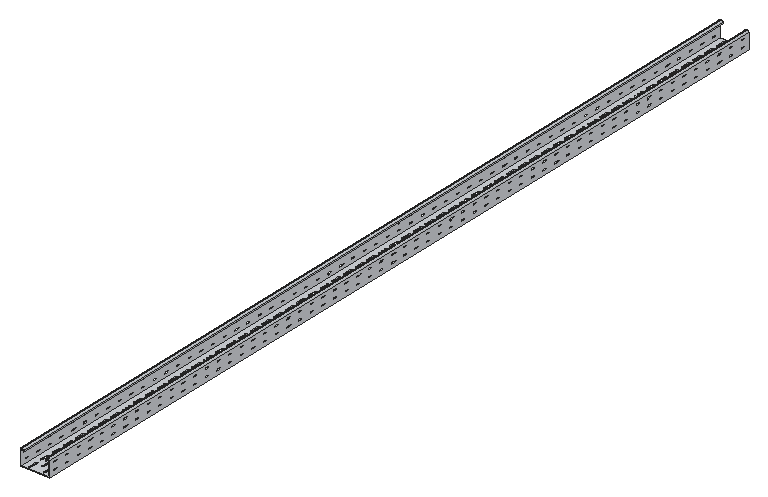
Revit family "Kabelrinne_610_FT_FS_A2_A4_FTSO", category Generic Models, Revit 2017 (continued)
Dimensions and locks
  locked: cut or joined group 1 (Extrusion 1, Extrusion 4, Extrusion 5, Extrusion 6, Extrusion 7, Extrusion 9, Extrusion 10, Extrusion 12, Extrusion 13, Extrusion 14, Extrusion 15, Extrusion 16, Extrusion 17, Extrusion 18, Extrusion 19, Extrusion 20, Extrusion 21, Extrusion 22, Extrusion 23, Extrusion 24, Extrusion 25, Extrusion 26, Extrusion 27, Extrusion 28, Extrusion 29, Extrusion 30, Extrusion 31, Extrusion 32, Extrusion 33, Extrusion 34, Extrusion 35, Extrusion 36, Extrusion 37, Extrusion 38, Extrusion 39, Extrusion 40, Extrusion 41, Extrusion 42, Extrusion 43, Extrusion 44, Extrusion 45, Extrusion 46, Extrusion 47, Extrusion 48, Extrusion 49, Extrusion 50, Extrusion 51, Extrusion 52, Extrusion 53, Extrusion 54, Extrusion 55, Extrusion 56, Extrusion 57, Extrusion 58, Extrusion 59, Extrusion 60, Extrusion 61, Extrusion 62, Extrusion 63, Extrusion 64, Extrusion 65, Extrusion 66, Extrusion 67, Extrusion 68, Extrusion 69, Extrusion 70, Extrusion 71, Extrusion 72, Extrusion 73, Extrusion 74, Extrusion 75, Extrusion 76, Extrusion 77, Extrusion 78, Extrusion 79, Extrusion 80, Extrusion 81, Extrusion 82, Extrusion 83, Extrusion 84, Extrusion 85, Extrusion 86, Extrusion 87, Extrusion 88, Extrusion 89, Extrusion 90, Extrusion 91, Extrusion 92, Extrusion 93, Extrusion 94, Extrusion 95, Extrusion 96, Extrusion 97, Extrusion 98, Extrusion 99, Extrusion 100, Extrusion 101, Extrusion 102, Extrusion 103, Extrusion 104, Extrusion 105, Extrusion 106, Extrusion 107, Extrusion 108, Extrusion 109, Extrusion 110, Extrusion 111, Extrusion 112, Extrusion 113, Extrusion 114, Extrusion 115, Extrusion 116, Extrusion 117, Extrusion 118, Extrusion 119, Extrusion 120, Extrusion 121, Extrusion 122, Extrusion 123, Extrusion 124, Extrusion 125, Extrusion 126, Extrusion 127, Extrusion 128, Extrusion 129, Extrusion 130, Extrusion 131, Extrusion 132, Extrusion 133, Extrusion 134, Extrusion 135, Extrusion 136, Extrusion 137, Extrusion 138, Extrusion 139, Extrusion 140, Extrusion 141, Extrusion 142, Extrusion 143, Extrusion 144, Extrusion 145, Extrusion 146, Extrusion 147, Extrusion 148, Extrusion 149, Extrusion 150, Extrusion 151, Extrusion 152, Extrusion 153, Extrusion 154, Extrusion 155, Extrusion 156, Extrusion 157, Extrusion 158, Extrusion 159, Extrusion 160, Extrusion 161, Extrusion 162, Extrusion 163, Extrusion 164, Extrusion 165, Extrusion 166, Extrusion 167, Extrusion 168, Extrusion 169, Extrusion 170, Extrusion 171, Extrusion 172, Extrusion 173, Extrusion 174, Extrusion 175, Extrusion 176, Extrusion 177, Extrusion 178, Extrusion 179, Extrusion 180, Extrusion 181, Extrusion 182, Extrusion 183, Extrusion 184, Extrusion 185, Extrusion 186, Extrusion 187, Extrusion 188, Extrusion 189, Extrusion 190, Extrusion 191, Extrusion 192, Extrusion 193, Extrusion 194, Extrusion 195, Extrusion 196, Extrusion 197, Extrusion 198, Extrusion 199, Extrusion 200, Extrusion 201, Extrusion 202, Extrusion 203, Extrusion 204, Extrusion 205, Extrusion 206, Extrusion 207, Extrusion 208, Extrusion 209, Extrusion 210, Extrusion 211, Extrusion 212, Extrusion 213, Extrusion 214, Extrusion 215, Extrusion 216, Extrusion 217, Extrusion 218, Extrusion 219, Extrusion 220, Extrusion 221, Extrusion 222, Extrusion 223, Extrusion 224, Extrusion 225, Extrusion 226, Extrusion 227, Extrusion 228, Extrusion 229, Extrusion 230, Extrusion 231, Extrusion 232, Extrusion 233, Extrusion 234, Extrusion 235, Extrusion 236, Extrusion 237, Extrusion 238, Extrusion 239, Extrusion 240, Extrusion 241, Extrusion 242, Extrusion 243, Extrusion 244, Extrusion 245, Extrusion 246, Extrusion 247, Extrusion 248, Extrusion 249, Extrusion 250, Extrusion 251, Extrusion 252, Extrusion 253, Extrusion 254, Extrusion 255, Extrusion 256, Extrusion 257, Extrusion 258, Extrusion 259, Extrusion 260, Extrusion 261, Extrusion 262, Extrusion 263, Extrusion 264, Extrusion 265, Extrusion 266, Extrusion 267, Extrusion 268, Extrusion 269, Extrusion 270, Extrusion 271, Extrusion 272, Extrusion 273, Extrusion 274, Extrusion 275, Extrusion 276, Extrusion 277, Extrusion 278, Extrusion 279, Extrusion 280, Extrusion 281, Extrusion 282, Extrusion 283, Extrusion 284, Extrusion 285, Extrusion 286, Extrusion 287, Extrusion 288, Extrusion 289, Extrusion 290, Extrusion 291, Extrusion 292, Extrusion 293, Extrusion 294, Extrusion 295, Extrusion 296, Extrusion 297, Extrusion 298, Extrusion 299, Extrusion 300, Extrusion 301, Extrusion 302, Extrusion 303, Extrusion 304, Extrusion 305, Extrusion 306, Extrusion 308, Extrusion 309, Extrusion 310, Extrusion 311, Extrusion 312, Extrusion 313, Extrusion 314, Extrusion 315, Extrusion 316, Extrusion 317, Extrusion 318, Extrusion 319, Extrusion 320, Extrusion 321, Extrusion 322, Extrusion 323, Extrusion 324, Extrusion 325, Extrusion 326, Extrusion 327, Extrusion 328, Extrusion 329, Extrusion 330, Extrusion 331, Extrusion 332, Extrusion 333, Extrusion 334, Extrusion 335, Extrusion 336, Extrusion 337, Extrusion 338, Extrusion 339, Extrusion 340, Extrusion 341, Extrusion 342, Extrusion 343, Extrusion 344, Extrusion 345, Extrusion 346, Extrusion 347, Extrusion 348, Extrusion 349, Extrusion 350, Extrusion 351, Extrusion 352, Extrusion 353, Extrusion 354, Extrusion 355, Extrusion 356, Extrusion 357, Extrusion 358, Extrusion 359, Extrusion 360, Extrusion 361, Extrusion 362, Extrusion 363, Extrusion 364, Extrusion 365, Extrusion 366, Extrusion 367, Extrusion 368, Extrusion 369, Extrusion 370, Extrusion 371, Extrusion 372, Extrusion 373, Extrusion 374, Extrusion 375, Extrusion 376, Extrusion 377, Extrusion 378, Extrusion 379, Extrusion 380, Extrusion 381, Extrusion 382, Extrusion 383, Extrusion 384, Extrusion 385, Extrusion 386, Extrusion 387, Extrusion 388, Extrusion 389, Extrusion 390, Extrusion 391, Extrusion 392, Extrusion 393, Extrusion 394, Extrusion 395, Extrusion 396, Extrusion 397, Extrusion 398, Extrusion 399, Extrusion 400, Extrusion 401, Extrusion 402, Extrusion 403, Extrusion 404, Extrusion 405, Extrusion 406, Extrusion 407, Extrusion 408, Extrusion 409, Extrusion 410, Extrusion 411, Extrusion 412, Extrusion 413, Extrusion 414, Extrusion 415, Extrusion 416, Extrusion 417, Extrusion 418, Extrusion 419, Extrusion 420, Extrusion 421, Extrusion 422, Extrusion 423, Extrusion 424, Extrusion 425) to plane 1 "Center (Front/Back)" at 35  (x2)
  locked: Extrusion 7 sketch curve to Extrusion 7 sketch curve at 7
  group 6 to group 5 = 0 mm
  group 5 to group 6 = 0 mm
  group 5 to group 6 = 25 mm
  locked: cut or joined group 1 to cut or joined group 2 (Extrusion 1, Extrusion 4, Extrusion 5, Extrusion 6, Extrusion 7, Extrusion 9, Extrusion 10, Extrusion 12, Extrusion 13, Extrusion 14, Extrusion 15, Extrusion 16, Extrusion 17, Extrusion 18, Extrusion 19, Extrusion 20, Extrusion 21, Extrusion 22, Extrusion 23, Extrusion 24, Extrusion 25, Extrusion 26, Extrusion 27, Extrusion 28, Extrusion 29, Extrusion 30, Extrusion 31, Extrusion 32, Extrusion 33, Extrusion 34, Extrusion 35, Extrusion 36, Extrusion 37, Extrusion 38, Extrusion 39, Extrusion 40, Extrusion 41, Extrusion 42, Extrusion 43, Extrusion 44, Extrusion 45, Extrusion 46, Extrusion 47, Extrusion 48, Extrusion 49, Extrusion 50, Extrusion 51, Extrusion 52, Extrusion 53, Extrusion 54, Extrusion 55, Extrusion 56, Extrusion 57, Extrusion 58, Extrusion 59, Extrusion 60, Extrusion 61, Extrusion 62, Extrusion 63, Extrusion 64, Extrusion 65, Extrusion 66, Extrusion 67, Extrusion 68, Extrusion 69, Extrusion 70, Extrusion 71, Extrusion 72, Extrusion 73, Extrusion 74, Extrusion 75, Extrusion 76, Extrusion 77, Extrusion 78, Extrusion 79, Extrusion 80, Extrusion 81, Extrusion 82, Extrusion 83, Extrusion 84, Extrusion 85, Extrusion 86, Extrusion 87, Extrusion 88, Extrusion 89, Extrusion 90, Extrusion 91, Extrusion 92, Extrusion 93, Extrusion 94, Extrusion 95, Extrusion 96, Extrusion 97, Extrusion 98, Extrusion 99, Extrusion 100, Extrusion 101, Extrusion 102, Extrusion 103, Extrusion 104, Extrusion 105, Extrusion 106, Extrusion 107, Extrusion 108, Extrusion 109, Extrusion 110, Extrusion 111, Extrusion 112, Extrusion 113, Extrusion 114, Extrusion 115, Extrusion 116, Extrusion 117, Extrusion 118, Extrusion 119, Extrusion 120, Extrusion 121, Extrusion 122, Extrusion 123, Extrusion 124, Extrusion 125, Extrusion 126, Extrusion 127),
     Extrusion 128, Extrusion 129, Extrusion 130, Extrusion 131, Extrusion 132, Extrusion 133, Extrusion 134, Extrusion 135, Extrusion 136, Extrusion 137, Extrusion 138, Extrusion 139, Extrusion 140, Extrusion 141, Extrusion 142, Extrusion 143, Extrusion 144, Extrusion 145, Extrusion 146, Extrusion 147, Extrusion 148, Extrusion 149, Extrusion 150, Extrusion 151, Extrusion 152, Extrusion 153, Extrusion 154, Extrusion 155, Extrusion 156, Extrusion 157, Extrusion 158, Extrusion 159, Extrusion 160, Extrusion 161, Extrusion 162, Extrusion 163, Extrusion 164, Extrusion 165, Extrusion 166, Extrusion 167, Extrusion 168, Extrusion 169, Extrusion 170, Extrusion 171, Extrusion 172, Extrusion 173, Extrusion 174, Extrusion 175, Extrusion 176, Extrusion 177, Extrusion 178, Extrusion 179, Extrusion 180, Extrusion 181, Extrusion 182, Extrusion 183, Extrusion 184, Extrusion 185, Extrusion 186, Extrusion 187, Extrusion 188, Extrusion 189, Extrusion 190, Extrusion 191, Extrusion 192, Extrusion 193, Extrusion 194, Extrusion 195, Extrusion 196, Extrusion 197, Extrusion 198, Extrusion 199, Extrusion 200, Extrusion 201, Extrusion 202, Extrusion 203, Extrusion 204, Extrusion 205, Extrusion 206, Extrusion 207, Extrusion 208, Extrusion 209, Extrusion 210, Extrusion 211, Extrusion 212, Extrusion 213, Extrusion 214, Extrusion 215, Extrusion 216, Extrusion 217, Extrusion 218, Extrusion 219, Extrusion 220, Extrusion 221, Extrusion 222, Extrusion 223, Extrusion 224, Extrusion 225, Extrusion 226, Extrusion 227, Extrusion 228, Extrusion 229, Extrusion 230, Extrusion 231, Extrusion 232, Extrusion 233, Extrusion 234, Extrusion 235, Extrusion 236, Extrusion 237, Extrusion 238, Extrusion 239, Extrusion 240, Extrusion 241, Extrusion 242, Extrusion 243, Extrusion 244, Extrusion 245, Extrusion 246, Extrusion 247, Extrusion 248, Extrusion 249, Extrusion 250, Extrusion 251, Extrusion 252, Extrusion 253, Extrusion 254, Extrusion 255, Extrusion 256, Extrusion 257, Extrusion 258, Extrusion 259, Extrusion 260, Extrusion 261, Extrusion 262, Extrusion 263, Extrusion 264, Extrusion 265, Extrusion 266, Extrusion 267, Extrusion 268, Extrusion 269, Extrusion 270, Extrusion 271, Extrusion 272, Extrusion 273, Extrusion 274, Extrusion 275, Extrusion 276, Extrusion 277, Extrusion 278, Extrusion 279, Extrusion 280, Extrusion 281, Extrusion 282, Extrusion 283, Extrusion 284, Extrusion 285, Extrusion 286, Extrusion 287, Extrusion 288, Extrusion 289, Extrusion 290, Extrusion 291, Extrusion 292, Extrusion 293, Extrusion 294, Extrusion 295, Extrusion 296, Extrusion 297, Extrusion 298, Extrusion 299, Extrusion 300, Extrusion 301, Extrusion 302, Extrusion 303, Extrusion 304, Extrusion 305, Extrusion 306, Extrusion 308, Extrusion 309, Extrusion 310, Extrusion 311, Extrusion 312, Extrusion 313, Extrusion 314, Extrusion 315, Extrusion 316, Extrusion 317, Extrusion 318, Extrusion 319, Extrusion 320, Extrusion 321, Extrusion 322, Extrusion 323, Extrusion 324, Extrusion 325, Extrusion 326, Extrusion 327, Extrusion 328, Extrusion 329, Extrusion 330, Extrusion 331, Extrusion 332, Extrusion 333, Extrusion 334, Extrusion 335, Extrusion 336, Extrusion 337, Extrusion 338, Extrusion 339, Extrusion 340, Extrusion 341, Extrusion 342, Extrusion 343, Extrusion 344, Extrusion 345, Extrusion 346, Extrusion 347, Extrusion 348, Extrusion 349, Extrusion 350, Extrusion 351, Extrusion 352, Extrusion 353, Extrusion 354, Extrusion 355, Extrusion 356, Extrusion 357, Extrusion 358, Extrusion 359, Extrusion 360, Extrusion 361, Extrusion 362, Extrusion 363, Extrusion 364, Extrusion 365, Extrusion 366, Extrusion 367, Extrusion 368, Extrusion 369, Extrusion 370, Extrusion 371, Extrusion 372, Extrusion 373, Extrusion 374, Extrusion 375, Extrusion 376, Extrusion 377, Extrusion 378, Extrusion 379, Extrusion 380, Extrusion 381, Extrusion 382, Extrusion 383, Extrusion 384, Extrusion 385, Extrusion 386, Extrusion 387, Extrusion 388, Extrusion 389, Extrusion 390, Extrusion 391, Extrusion 392, Extrusion 393, Extrusion 394, Extrusion 395, Extrusion 396, Extrusion 397, Extrusion 398, Extrusion 399, Extrusion 400, Extrusion 401, Extrusion 402, Extrusion 403, Extrusion 404, Extrusion 405, Extrusion 406, Extrusion 407, Extrusion 408, Extrusion 409, Extrusion 410, Extrusion 411, Extrusion 412, Extrusion 413, Extrusion 414, Extrusion 415, Extrusion 416, Extrusion 417, Extrusion 418, Extrusion 419, Extrusion 420, Extrusion 421, Extrusion 422, Extrusion 423, Extrusion 424, Extrusion 425 at 36.5  (x2)
  locked: cut or joined group 1 to cut or joined group 2,
     Extrusion 128, Extrusion 129, Extrusion 130, Extrusion 131, Extrusion 132, Extrusion 133, Extrusion 134, Extrusion 135, Extrusion 136, Extrusion 137, Extrusion 138, Extrusion 139, Extrusion 140, Extrusion 141, Extrusion 142, Extrusion 143, Extrusion 144, Extrusion 145, Extrusion 146, Extrusion 147, Extrusion 148, Extrusion 149, Extrusion 150, Extrusion 151, Extrusion 152, Extrusion 153, Extrusion 154, Extrusion 155, Extrusion 156, Extrusion 157, Extrusion 158, Extrusion 159, Extrusion 160, Extrusion 161, Extrusion 162, Extrusion 163, Extrusion 164, Extrusion 165, Extrusion 166, Extrusion 167, Extrusion 168, Extrusion 169, Extrusion 170, Extrusion 171, Extrusion 172, Extrusion 173, Extrusion 174, Extrusion 175, Extrusion 176, Extrusion 177, Extrusion 178, Extrusion 179, Extrusion 180, Extrusion 181, Extrusion 182, Extrusion 183, Extrusion 184, Extrusion 185, Extrusion 186, Extrusion 187, Extrusion 188, Extrusion 189, Extrusion 190, Extrusion 191, Extrusion 192, Extrusion 193, Extrusion 194, Extrusion 195, Extrusion 196, Extrusion 197, Extrusion 198, Extrusion 199, Extrusion 200, Extrusion 201, Extrusion 202, Extrusion 203, Extrusion 204, Extrusion 205, Extrusion 206, Extrusion 207, Extrusion 208, Extrusion 209, Extrusion 210, Extrusion 211, Extrusion 212, Extrusion 213, Extrusion 214, Extrusion 215, Extrusion 216, Extrusion 217, Extrusion 218, Extrusion 219, Extrusion 220, Extrusion 221, Extrusion 222, Extrusion 223, Extrusion 224, Extrusion 225, Extrusion 226, Extrusion 227, Extrusion 228, Extrusion 229, Extrusion 230, Extrusion 231, Extrusion 232, Extrusion 233, Extrusion 234, Extrusion 235, Extrusion 236, Extrusion 237, Extrusion 238, Extrusion 239, Extrusion 240, Extrusion 241, Extrusion 242, Extrusion 243, Extrusion 244, Extrusion 245, Extrusion 246, Extrusion 247, Extrusion 248, Extrusion 249, Extrusion 250, Extrusion 251, Extrusion 252, Extrusion 253, Extrusion 254, Extrusion 255, Extrusion 256, Extrusion 257, Extrusion 258, Extrusion 259, Extrusion 260, Extrusion 261, Extrusion 262, Extrusion 263, Extrusion 264, Extrusion 265, Extrusion 266, Extrusion 267, Extrusion 268, Extrusion 269, Extrusion 270, Extrusion 271, Extrusion 272, Extrusion 273, Extrusion 274, Extrusion 275, Extrusion 276, Extrusion 277, Extrusion 278, Extrusion 279, Extrusion 280, Extrusion 281, Extrusion 282, Extrusion 283, Extrusion 284, Extrusion 285, Extrusion 286, Extrusion 287, Extrusion 288, Extrusion 289, Extrusion 290, Extrusion 291, Extrusion 292, Extrusion 293, Extrusion 294, Extrusion 295, Extrusion 296, Extrusion 297, Extrusion 298, Extrusion 299, Extrusion 300, Extrusion 301, Extrusion 302, Extrusion 303, Extrusion 304, Extrusion 305, Extrusion 306, Extrusion 308, Extrusion 309, Extrusion 310, Extrusion 311, Extrusion 312, Extrusion 313, Extrusion 314, Extrusion 315, Extrusion 316, Extrusion 317, Extrusion 318, Extrusion 319, Extrusion 320, Extrusion 321, Extrusion 322, Extrusion 323, Extrusion 324, Extrusion 325, Extrusion 326, Extrusion 327, Extrusion 328, Extrusion 329, Extrusion 330, Extrusion 331, Extrusion 332, Extrusion 333, Extrusion 334, Extrusion 335, Extrusion 336, Extrusion 337, Extrusion 338, Extrusion 339, Extrusion 340, Extrusion 341, Extrusion 342, Extrusion 343, Extrusion 344, Extrusion 345, Extrusion 346, Extrusion 347, Extrusion 348, Extrusion 349, Extrusion 350, Extrusion 351, Extrusion 352, Extrusion 353, Extrusion 354, Extrusion 355, Extrusion 356, Extrusion 357, Extrusion 358, Extrusion 359, Extrusion 360, Extrusion 361, Extrusion 362, Extrusion 363, Extrusion 364, Extrusion 365, Extrusion 366, Extrusion 367, Extrusion 368, Extrusion 369, Extrusion 370, Extrusion 371, Extrusion 372, Extrusion 373, Extrusion 374, Extrusion 375, Extrusion 376, Extrusion 377, Extrusion 378, Extrusion 379, Extrusion 380, Extrusion 381, Extrusion 382, Extrusion 383, Extrusion 384, Extrusion 385, Extrusion 386, Extrusion 387, Extrusion 388, Extrusion 389, Extrusion 390, Extrusion 391, Extrusion 392, Extrusion 393, Extrusion 394, Extrusion 395, Extrusion 396, Extrusion 397, Extrusion 398, Extrusion 399, Extrusion 400, Extrusion 401, Extrusion 402, Extrusion 403, Extrusion 404, Extrusion 405, Extrusion 406, Extrusion 407, Extrusion 408, Extrusion 409, Extrusion 410, Extrusion 411, Extrusion 412, Extrusion 413, Extrusion 414, Extrusion 415, Extrusion 416, Extrusion 417, Extrusion 418, Extrusion 419, Extrusion 420, Extrusion 421, Extrusion 422, Extrusion 423, Extrusion 424, Extrusion 425 at 43.5
  locked: plane 12 to plane 13 at 1.532
  "Width 1": plane 12 to plane 3 "Center (Left/Right)"
  locked: Extrusion 8 sketch curve to Extrusion 8 sketch curve at 7
  locked: Extrusion 9 sketch curve to Extrusion 9 sketch curve at 7
  locked: Extrusion 10 sketch curve to Extrusion 10 sketch curve at 7
  group 9 to group 10 = 0 mm  (x2)
  group 9 to group 10 = 25 mm
  locked: plane 19 to plane 18 at 1.503
  equal spacing: group 7, group 11, group 19, group 22, group 25, group 28, group 31, group 34, group 37, group 40, group 43, group 46, group 49, group 52, group 55, group 58, group 61, group 64, group 67, group 70, group 73, group 76, group 79, group 82, group 85, group 88, group 91, group 94, group 97, group 100, group 103, group 106, group 109, group 112, group 115, group 118, group 121, group 124, group 127, group 130, group 133, group 136, group 139, group 142, group 145, group 148, group 151, group 154, group 157, group 160, group 163, group 166, group 169, group 172, group 175, group 178, group 181, group 184, group 187, group 190  (x2)
  equal spacing: group 190, group 187, group 184, group 181, group 178, group 175, group 172, group 169, group 166, group 163, group 160, group 157, group 154, group 151, group 148, group 145, group 142, group 139, group 136, group 133, group 130, group 127, group 124, group 121, group 118, group 115, group 112, group 109, group 106, group 103, group 100, group 97, group 94, group 91, group 88, group 85, group 82, group 79, group 76, group 73, group 70, group 67, group 64, group 61, group 58, group 55, group 52, group 49, group 46, group 43, group 40, group 37, group 34, group 31, group 28, group 25, group 22, group 19, group 11, group 7
  locked: plane 1 "Center (Front/Back)" to cut or joined group 1 at 65  (x2)
  locked: Extrusion 11 sketch curve to Extrusion 11 sketch curve at 7
  locked: Extrusion 12 sketch curve to Extrusion 12 sketch curve at 7
  locked: Extrusion 13 sketch curve to Extrusion 13 sketch curve at 7
  group 15 to group 14 = 0 mm
  group 14 to group 15 = 0 mm
  group 14 to group 15 = 25 mm
  locked: plane 24 to plane 25 at 1.532
  equal spacing: group 12, group 16, group 193, group 196, group 199, group 202, group 205, group 208, group 211, group 214, group 217, group 220, group 223, group 226, group 229, group 232, group 235, group 238, group 241, group 244, group 247, group 250, group 253, group 256, group 259, group 262, group 265, group 268, group 271, group 274, group 277, group 280, group 283, group 286, group 289, group 292, group 295, group 298, group 301, group 304, group 307, group 310, group 313, group 316, group 319, group 322, group 325, group 328, group 331, group 334, group 337, group 340, group 343, group 346, group 349, group 352, group 355, group 358, group 361, group 364  (x2)
  equal spacing: group 364, group 361, group 358, group 355, group 352, group 349, group 346, group 343, group 340, group 337, group 334, group 331, group 328, group 325, group 322, group 319, group 316, group 313, group 310, group 307, group 304, group 301, group 298, group 295, group 292, group 289, group 286, group 283, group 280, group 277, group 274, group 271, group 268, group 265, group 262, group 259, group 256, group 253, group 250, group 247, group 244, group 241, group 238, group 235, group 232, group 229, group 226, group 223, group 220, group 217, group 214, group 211, group 208, group 205, group 202, group 199, group 196, group 193, group 16, group 12
  locked: cut or joined group 1 to plane 1 "Center (Front/Back)" at 65  (x2)
  locked: cut or joined group 1 to cut or joined group 2,
